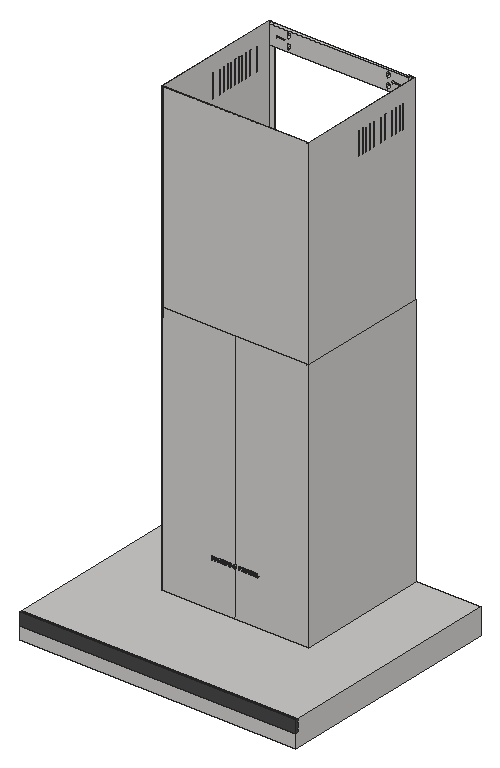
Revit family "FP_Revit_18_HC60BCXB2_Rangehood_90001849A", category Specialty Equipment, Revit 2018
Family settings
  Round Connector Dimension = Use Diameter
  Part Type = Normal
  OmniClass Number = 23.40.40.00
  OmniClass Title = Food Service Equipment and Furnishings
  Work Plane-Based = No
  Always vertical = Yes
  Cut with Voids When Loaded = Yes
  Shared = No
  Room Calculation Point = No
Parameters
  Visibility - Upper Chimney Extension [instance] = yes
  URL = "www.fisherpaykel.com"
  Product - Width = 598 mm  # constant formula
  Product - Height (595mm - 1035mm) [instance] = 1035 mm
  Product - Depth = 500 mm  # constant formula
  Model = "HC60BCXB2"
  Material - Display Panel = Fisher & Paykel - Black
  Material - Body = Fisher & Paykel - Stainless Steel
  Manufacturer = "Fisher & Paykel Appliances"
  FFL Offset [instance] = 1565 mm
  Description = "60cm Rangehood"
  Connector Description - Extraction = "150mm Semi Rigid Rangehood Ducting, 710m³/hr"
  Connector Description - Electrical = "230 V, 50 Hz"
  Chassis - Width = 320 mm  # constant formula
  Chassis - Height = 604 mm  # constant formula
  Chassis - Depth = 291 mm  # constant formula
Reference planes
  plane 1 "Datum": y = 0
  plane 2: z = 0
  plane 3 "Center (Left/Right)": x = 0
  plane 4 "Product - Height": z = 2600
  plane 5 "Product LHS": x = -299
  plane 6 "Product RHS": x = 299
  plane 7 "Product - Depth": y = -500
  plane 8 "Cavity LHS": x = -160
  plane 9 "Cavity RHS": x = 160
  plane 10 "Chassis - Depth": y = -291
  plane 11 "FFL Offset": z = 1565
Forms (mm)
  Extrusion 1, solid, material "Fisher & Paykel - Stainless Steel" <- "Material - Body"
    sketch origin (0, 0, 0) x (1, 0, 0) y (0, 1, 0)
      loop
        line (-145, 0) -> (-160, 0) -> (-160, -291) -> (0, -291) -> (160, -291) -> (160, 0) -> (145, 0) -> (145, -1) -> (159, -1) -> (159, -290) -> (-159, -290) -> (-159, -1) -> (-145, -1) -> (-145, 0)
    from 1620 to 2169
  Extrusion 2, solid, material "Fisher & Paykel - Stainless Steel" <- "Material - Body", visible <- "Visibility - Upper Chimney Extension"
    sketch origin (0, 0, 0) x (1, 0, 0) y (0, 1, 0)
      loop
        line (-158, -3) -> (-145, -3) -> (-145, -2) -> (-159, -2) -> (-159, -290) -> (159, -290) -> (159, -2) -> (145, -2) -> (145, -3) -> (158, -3) -> (158, -289.044) -> (-158, -289.044) -> (-158, -3)
    from 2149 to 2600
  Extrusion 3, solid, material "Fisher & Paykel - Stainless Steel" <- "Material - Body"
    sketch origin (0, 0, 0) x (1, 0, 0) y (0, 1, 0)
      loop
        line (-299, 0) -> (-299, -500) -> (299, -500) -> (299, 0) -> (-299, 0)
    from 1565 to 1620
  Extrusion 4, void
    sketch origin (0, 0, 0) x (0, 1, 0) y (0, 0, 1)
      loop
        line (-500, 1620) -> (-500, 1592.5) -> (-495, 1592.5) -> (-495, 1620) -> (-500, 1620)
    from -299 to 299
  Extrusion 5, solid, material "Fisher & Paykel - Black" <- "Material - Display Panel", detail levels medium+fine
    sketch origin (0, 0, 1000) x (0, 1, 0) y (0, 0, 1)
      loop
        line (-495, 592.5) -> (-495, 620) -> (-500, 620) -> (-500, 592.5) -> (-495, 592.5)
    from -299 to 299
  Extrusion 6, solid, material "Fisher & Paykel - Stainless Steel" <- "Material - Body"
    sketch origin (0, 0, 0) x (1, 0, 0) y (0, 1, 0)
      loop
        line (159, -1) -> (-159, -1) -> (-159, -290) -> (159, -290) -> (159, -1)
    from 1620 to 1838
  Extrusion 7, solid, material "Fisher & Paykel - Stainless Steel" <- "Material - Body"
    sketch origin (0, 0, 0) x (1, 0, 0) y (0, 1, 0)
      loop
        circle (0, -105) r 75
      loop
        circle (0, -105) r 73
    from 1838 to 1970.269
  Extrusion 8, solid, material "Fisher & Paykel - Stainless Steel" <- "Material - Body"
    sketch origin (0, 0, 0) x (1, 0, 0) y (0, 0, 1)
      loop
        line (-145, 1860) -> (-145, 1838) -> (145, 1838) -> (145, 1860) -> (-145, 1860)
      loop
        line (-127.5, 1851) -> (-127.5, 1849.33)
        arc (-127.5, 1849.33) -> (-125, 1840) -> (-122.5, 1849.33) r 5
        line (-122.5, 1849.33) -> (-122.5, 1851)
        arc (-122.5, 1851) -> (-125, 1853.5) -> (-127.5, 1851) r 2.5
      loop
        line (122.5, 1851) -> (122.5, 1849.33)
        arc (122.5, 1849.33) -> (125, 1840) -> (127.5, 1849.33) r 5
        line (127.5, 1849.33) -> (127.5, 1851)
        arc (127.5, 1851) -> (125, 1853.5) -> (122.5, 1851) r 2.5
    from 0 to 2
  Extrusion 9, solid, material "Fisher & Paykel - Stainless Steel" <- "Material - Body", visible <- "Visibility - Upper Chimney Extension"
    sketch origin (0, 0, 0) x (1, 0, 0) y (0, 0, 1)
      loop
        line (-150, 2558.811) -> (150, 2558.811) -> (150, 2600) -> (-150, 2600) -> (-150, 2558.811)
      loop
        line (104, 2592.5) -> (104, 2588.5)
        arc (104, 2588.5) -> (108, 2584.5) -> (112, 2588.5) r 4
        line (112, 2588.5) -> (112, 2592.5)
        arc (112, 2592.5) -> (108, 2596.5) -> (104, 2592.5) r 4
      loop
        arc (112, 2571.5) -> (108, 2575.5) -> (104, 2571.5) r 4
        line (104, 2571.5) -> (104, 2566.794)
        arc (104, 2566.794) -> (108, 2563.544) -> (112, 2566.794) r 4.087
        line (112, 2566.794) -> (112, 2571.5)
      loop
        arc (117.5, 2582.5) -> (115, 2580) -> (117.5, 2577.5) r 2.5
        line (117.5, 2577.5) -> (132.5, 2577.5)
        arc (132.5, 2577.5) -> (135, 2580) -> (132.5, 2582.5) r 2.5
        line (132.5, 2582.5) -> (117.5, 2582.5)
      loop
        arc (-104, 2592.5) -> (-108, 2596.5) -> (-112, 2592.5) r 4
        line (-112, 2592.5) -> (-112, 2588.5)
        arc (-112, 2588.5) -> (-108, 2584.5) -> (-104, 2588.5) r 4
        line (-104, 2588.5) -> (-104, 2592.5)
      loop
        line (-112, 2571.5) -> (-112, 2566.794)
        arc (-112, 2566.794) -> (-108, 2563.544) -> (-104, 2566.794) r 4.087
        line (-104, 2566.794) -> (-104, 2571.5)
        arc (-104, 2571.5) -> (-108, 2575.5) -> (-112, 2571.5) r 4
      loop
        line (-117.5, 2582.5) -> (-132.5, 2582.5)
        arc (-132.5, 2582.5) -> (-135, 2580) -> (-132.5, 2577.5) r 2.5
        line (-132.5, 2577.5) -> (-117.5, 2577.5)
        arc (-117.5, 2577.5) -> (-115, 2580) -> (-117.5, 2582.5) r 2.5
    from 3 to 9
  Extrusion 10, void
    sketch origin (0, 0, 0) x (0, 1, 0) y (0, 0, 1)
      loop
        line (-157, 2564.417) -> (-157, 2514.417)
        arc (-157, 2514.417) -> (-154.5, 2511.917) -> (-152, 2514.417) r 2.5
        line (-152, 2514.417) -> (-152, 2564.417)
        arc (-152, 2564.417) -> (-154.5, 2566.917) -> (-157, 2564.417) r 2.5
      loop
        line (-147, 2564.417) -> (-147, 2514.417)
        arc (-147, 2514.417) -> (-144.5, 2511.917) -> (-142, 2514.417) r 2.5
        line (-142, 2514.417) -> (-142, 2564.417)
        arc (-142, 2564.417) -> (-144.5, 2566.917) -> (-147, 2564.417) r 2.5
      loop
        line (-137, 2564.417) -> (-137, 2514.417)
        arc (-137, 2514.417) -> (-134.5, 2511.917) -> (-132, 2514.417) r 2.5
        line (-132, 2514.417) -> (-132, 2564.417)
        arc (-132, 2564.417) -> (-134.5, 2566.917) -> (-137, 2564.417) r 2.5
      loop
        line (-127, 2564.417) -> (-127, 2514.417)
        arc (-127, 2514.417) -> (-124.5, 2511.917) -> (-122, 2514.417) r 2.5
        line (-122, 2514.417) -> (-122, 2564.417)
        arc (-122, 2564.417) -> (-124.5, 2566.917) -> (-127, 2564.417) r 2.5
      loop
        line (-117, 2564.417) -> (-117, 2514.417)
        arc (-117, 2514.417) -> (-114.5, 2511.917) -> (-112, 2514.417) r 2.5
        line (-112, 2514.417) -> (-112, 2564.417)
        arc (-112, 2564.417) -> (-114.5, 2566.917) -> (-117, 2564.417) r 2.5
      loop
        line (-107, 2564.417) -> (-107, 2514.417)
        arc (-107, 2514.417) -> (-104.5, 2511.917) -> (-102, 2514.417) r 2.5
        line (-102, 2514.417) -> (-102, 2564.417)
        arc (-102, 2564.417) -> (-104.5, 2566.917) -> (-107, 2564.417) r 2.5
      loop
        line (-97, 2564.417) -> (-97, 2514.417)
        arc (-97, 2514.417) -> (-94.5, 2511.917) -> (-92, 2514.417) r 2.5
        line (-92, 2514.417) -> (-92, 2564.417)
        arc (-92, 2564.417) -> (-94.5, 2566.917) -> (-97, 2564.417) r 2.5
      loop
        line (-87, 2564.417) -> (-87, 2514.417)
        arc (-87, 2514.417) -> (-84.5, 2511.917) -> (-82, 2514.417) r 2.5
        line (-82, 2514.417) -> (-82, 2564.417)
        arc (-82, 2564.417) -> (-84.5, 2566.917) -> (-87, 2564.417) r 2.5
      loop
        line (-77, 2564.417) -> (-77, 2514.417)
        arc (-77, 2514.417) -> (-74.5, 2511.917) -> (-72, 2514.417) r 2.5
        line (-72, 2514.417) -> (-72, 2564.417)
        arc (-72, 2564.417) -> (-74.5, 2566.917) -> (-77, 2564.417) r 2.5
      loop
        line (-67, 2564.417) -> (-67, 2514.417)
        arc (-67, 2514.417) -> (-64.5, 2511.917) -> (-62, 2514.417) r 2.5
        line (-62, 2514.417) -> (-62, 2564.417)
        arc (-62, 2564.417) -> (-64.5, 2566.917) -> (-67, 2564.417) r 2.5
      loop
        line (-57, 2564.417) -> (-57, 2514.417)
        arc (-57, 2514.417) -> (-54.5, 2511.917) -> (-52, 2514.417) r 2.5
        line (-52, 2514.417) -> (-52, 2564.417)
        arc (-52, 2564.417) -> (-54.5, 2566.917) -> (-57, 2564.417) r 2.5
      loop
        line (-47, 2564.417) -> (-47, 2514.417)
        arc (-47, 2514.417) -> (-44.5, 2511.917) -> (-42, 2514.417) r 2.5
        line (-42, 2514.417) -> (-42, 2564.417)
        arc (-42, 2564.417) -> (-44.5, 2566.917) -> (-47, 2564.417) r 2.5
      loop
        line (-37, 2564.417) -> (-37, 2514.417)
        arc (-37, 2514.417) -> (-34.5, 2511.917) -> (-32, 2514.417) r 2.5
        line (-32, 2514.417) -> (-32, 2564.417)
        arc (-32, 2564.417) -> (-34.5, 2566.917) -> (-37, 2564.417) r 2.5
    from -159 to 159
  Extrusion 11, solid, material "Fisher & Paykel - Stainless Steel" <- "Material - Body"
    sketch origin (0, 0, 0) x (1, 0, 0) y (0, 0, 1)
      loop
        line (145, 2141) -> (-145, 2141) -> (-145, 2101) -> (145, 2101) -> (145, 2141)
      loop
        line (125, 2123.5) -> (110, 2123.5)
        arc (110, 2123.5) -> (107.5, 2121) -> (110, 2118.5) r 2.5
        line (110, 2118.5) -> (125, 2118.5)
        arc (125, 2118.5) -> (127.5, 2121) -> (125, 2123.5) r 2.5
      loop
        line (-110, 2123.5) -> (-125, 2123.5)
        arc (-125, 2123.5) -> (-127.5, 2121) -> (-125, 2118.5) r 2.5
        line (-125, 2118.5) -> (-110, 2118.5)
        arc (-110, 2118.5) -> (-107.5, 2121) -> (-110, 2123.5) r 2.5
    from 2 to 9
  Extrusion 12, void
    sketch origin (0, 0, 0) x (1, 0, 0) y (0, 1, 0)
      loop
        line (-258, -400) -> (258, -400) -> (258, -83) -> (-258, -83) -> (-258, -400)
      loop
        circle (115, -45) r 25
      loop
        circle (-115, -45) r 25
    from 1565 to 1574
  Extrusion 13, solid, material "Fisher & Paykel - Stainless Steel" <- "Material - Body", detail levels fine
    sketch origin (0, 0, 0) x (1, 0, 0) y (0, 1, 0)
      loop
        line (258, -83) -> (0.5, -83) -> (0.5, -400) -> (258, -400) -> (258, -83)
      loop
        line (9, -391) -> (110.5, -391) -> (110.5, -347) -> (147.5, -347) -> (147.5, -391) -> (249, -391) -> (249, -92) -> (9, -92) -> (9, -391)
      loop
        line (139.5, -357.5) -> (118.5, -357.5) -> (118.5, -391) -> (139.5, -391) -> (139.5, -357.5)
      loop
        line (118.9, -364.5) -> (118.9, -390.562) -> (139.1, -390.562) -> (139.1, -364.5) -> (118.9, -364.5)
      loop
        line (-258, -83) -> (-258, -400) -> (-0.5, -400) -> (-0.5, -83) -> (-258, -83)
      loop
        line (-9, -391) -> (-9, -92) -> (-249, -92) -> (-249, -391) -> (-147.5, -391) -> (-147.5, -347) -> (-110.5, -347) -> (-110.5, -391) -> (-9, -391)
      loop
        line (-139.5, -357.5) -> (-139.5, -391) -> (-118.5, -391) -> (-118.5, -357.5) -> (-139.5, -357.5)
      loop
        line (-118.9, -364.5) -> (-139.1, -364.5) -> (-139.1, -390.562) -> (-118.9, -390.562) -> (-118.9, -364.5)
    from 1565 to 1574
  Extrusion 14, solid, material "Fisher & Paykel - Aluminium", detail levels medium+fine
    sketch origin (0, 0, 0) x (1, 0, 0) y (0, 1, 0)
      loop
        line (249, -92) -> (9, -92) -> (9, -391) -> (110.5, -391) -> (110.5, -347) -> (147.5, -347) -> (147.5, -391) -> (249, -391) -> (249, -92)
      loop
        line (-249, -92) -> (-249, -391) -> (-147.5, -391) -> (-147.5, -347) -> (-110.5, -347) -> (-110.5, -391) -> (-9, -391) -> (-9, -92) -> (-249, -92)
    from 1565 to 1572
  Extrusion 15, solid, material "Fisher & Paykel - Bezel White", detail levels fine
    sketch origin (0, 0, 0) x (1, 0, 0) y (0, 1, 0)
      loop
        circle (115, -45) r 22
      loop
        circle (-115, -45) r 22
    from 1565 to 1572
  Extrusion 16, solid, material "Fisher & Paykel - Stainless Steel" <- "Material - Body", detail levels fine
    sketch origin (0, 0, 0) x (1, 0, 0) y (0, 1, 0)
      loop
        circle (115, -45) r 22
      loop
        circle (115, -45) r 25
      loop
        circle (-115, -45) r 22
      loop
        circle (-115, -45) r 25
    from 1566 to 1574
  Extrusion 17, solid, material "Fisher & Paykel - Stainless Steel" <- "Material - Body", detail levels medium+fine
    sketch origin (0, 0, 0) x (1, 0, 0) y (0, 1, 0)
      loop
        circle (101, -15) r 4
    from 1838 to 1970.269
Cuts and joins
  Extrusion 4, Extrusion 12 cuts Extrusion 3
  Extrusion 10 cuts Extrusion 2
Text (mm)
  text "Due to ongoing product development, product details are subject to change without notice. \nPlease always refer to www.fisherpaykel.com for the most current product information. \n© Fisher & Paykel 2020" at (41.04, -1225.549, 0), in view "Ref. Level (Plan)"
Dimensions and locks
  equal spacing: plane 5 "Product LHS", plane 3 "Center (Left/Right)", plane 6 "Product RHS"
  equal spacing: plane 8 "Cavity LHS", plane 3 "Center (Left/Right)", plane 9 "Cavity RHS"
  "Chassis - Width": plane 8 "Cavity LHS" to plane 9 "Cavity RHS"
  locked: Extrusion 1 sketch curve to Extrusion 1 sketch curve at 1  (x3)
  locked: Extrusion 2 to Extrusion 2 at 451
  "Product - Depth": plane 7 "Product - Depth" to plane 1 "Datum"
  "FFL Offset": plane 11 "FFL Offset" to level
  Extrusion 9 sketch curve to plane 4 "Product - Height" = 41.189 mm
  Extrusion 9 sketch curve to plane 4 "Product - Height" = 17.5 mm
  "Chassis - Height": Extrusion 1 to plane 11 "FFL Offset"
  plane 11 "FFL Offset" to Extrusion 8 sketch curve = 295 mm
  locked: Extrusion 7 to plane 11 "FFL Offset" at 405.269
  locked: cut or joined group of Extrusion 3, Extrusion 4, Extrusion 12 to plane 11 "FFL Offset" at 9
  locked: Extrusion 14 to plane 11 "FFL Offset" at 7
  locked: Extrusion 5 to plane 11 "FFL Offset" at 27.5
  locked: plane 11 "FFL Offset" to nested 1 at 153.17
  "Product - Height (595mm - 1035mm)": plane 4 "Product - Height" to plane 11 "FFL Offset"
  locked: cut or joined group of Extrusion 3, Extrusion 4, Extrusion 12 to Extrusion 16 at 1
  locked: Extrusion 6 to plane 11 "FFL Offset" at 273
  "Chassis - Depth": plane 1 "Datum" to plane 10 "Chassis - Depth"
  locked: cut or joined group of Extrusion 3, Extrusion 4, Extrusion 12 to plane 11 "FFL Offset" at 55
  locked: Extrusion 9 to plane 4 "Product - Height" at 41.189
  locked: plane 11 "FFL Offset" to Extrusion 11 at 536
  locked: plane 11 "FFL Offset" to Extrusion 11 at 576
  "Product - Width": plane 5 "Product LHS" to plane 6 "Product RHS"
  aligned and locked: level to plane 2
  aligned and locked: Extrusion 1 sketch curve to plane 8 "Cavity LHS"
  aligned and locked: plane 9 "Cavity RHS" to Extrusion 1 sketch curve
  aligned and locked: plane 1 "Datum" to Extrusion 1 sketch curve  (x2)
  aligned and locked: plane 10 "Chassis - Depth" to Extrusion 1 sketch curve
  aligned and locked: plane 6 "Product RHS" to Extrusion 3 sketch curve
  aligned and locked: plane 1 "Datum" to Extrusion 3 sketch curve
  aligned and locked: Extrusion 3 sketch curve to plane 5 "Product LHS"
  aligned and locked: plane 7 "Product - Depth" to Extrusion 3 sketch curve
  aligned and locked: plane 7 "Product - Depth" to Extrusion 4 sketch curve
  aligned and locked: Extrusion 4 sketch curve to cut or joined group of Extrusion 3, Extrusion 4, Extrusion 12
  aligned and locked: Extrusion 4 to plane 6 "Product RHS"
  aligned and locked: plane 5 "Product LHS" to Extrusion 4
  aligned and locked: cut or joined group of Extrusion 3, Extrusion 4, Extrusion 12 to Extrusion 5
  aligned and locked: Extrusion 5 to cut or joined group of Extrusion 3, Extrusion 4, Extrusion 12
  aligned and locked: Extrusion 1 to Extrusion 6
  aligned and locked: Extrusion 7 to Extrusion 6
  aligned and locked: plane 4 "Product - Height" to Extrusion 2
  aligned and locked: Extrusion 10 to Extrusion 1  (x2)
  aligned and locked: plane 4 "Product - Height" to Extrusion 9
  aligned and locked: Extrusion 9 sketch curve to Extrusion 9 sketch curve
  aligned and locked: Extrusion 3 to plane 11 "FFL Offset"
  aligned and locked: Extrusion 6 to cut or joined group of Extrusion 3, Extrusion 4, Extrusion 12
  aligned and locked: Extrusion 3 to Extrusion 12
  aligned and locked: cut or joined group of Extrusion 3, Extrusion 4, Extrusion 12 to Extrusion 13  (x2)
  aligned and locked: cut or joined group of Extrusion 3, Extrusion 4, Extrusion 12 to Extrusion 14
  aligned and locked: Extrusion 15 to Extrusion 14
  aligned and locked: cut or joined group of Extrusion 3, Extrusion 4, Extrusion 12 to Extrusion 15
  aligned and locked: Extrusion 4 to Extrusion 5
  aligned and locked: Extrusion 1 to Extrusion 5
  aligned and locked: Extrusion 16 to cut or joined group of Extrusion 3, Extrusion 4, Extrusion 12
  aligned and locked: Extrusion 17 to Extrusion 6
  aligned and locked: Extrusion 17 to Extrusion 7
  aligned and locked: cut or joined group of Extrusion 2, Extrusion 10 to Extrusion 9
Automatic sketch dimensions
  Extrusion 1 sketch curve to plane 3 "Center (Left/Right)" = 0 mm
  plane 1 "Datum" to Extrusion 1 sketch curve = 1 mm  (x2)
  Extrusion 1 sketch curve to Extrusion 1 sketch curve = 14 mm
  plane 9 "Cavity RHS" to Extrusion 1 sketch curve = 15 mm
  plane 7 "Product - Depth" to Extrusion 4 sketch curve = 5 mm
  level to Extrusion 4 sketch curve = 1592.5 mm
  Extrusion 5 sketch curve to Extrusion 5 sketch curve = 27.5 mm
  Extrusion 6 sketch curve to plane 8 "Cavity LHS" = 1 mm
  plane 9 "Cavity RHS" to Extrusion 6 sketch curve = 1 mm
  plane 10 "Chassis - Depth" to Extrusion 6 sketch curve = 1 mm
  plane 1 "Datum" to Extrusion 6 sketch curve = 1 mm
  Extrusion 2 sketch curve to plane 8 "Cavity LHS" = 1 mm
  Extrusion 2 sketch curve to Extrusion 2 sketch curve = 1 mm  (x3)
  plane 1 "Datum" to Extrusion 2 sketch curve = 3 mm  (x2)
  Extrusion 2 sketch curve to Extrusion 2 sketch curve = 13 mm
  plane 9 "Cavity RHS" to Extrusion 2 sketch curve = 15 mm
  plane 9 "Cavity RHS" to Extrusion 2 sketch curve = 2 mm
  plane 9 "Cavity RHS" to Extrusion 2 sketch curve = 1 mm
  plane 10 "Chassis - Depth" to Extrusion 2 sketch curve = 1.956 mm
  plane 10 "Chassis - Depth" to Extrusion 2 sketch curve = 1 mm
  Extrusion 10 sketch curve to plane 4 "Product - Height" = 85.583 mm  (x2)
  plane 1 "Datum" to Extrusion 10 sketch curve = 157 mm
  Extrusion 10 sketch curve to Extrusion 10 sketch curve = 2.5 mm  (x13)
  Extrusion 10 sketch curve to Extrusion 10 sketch curve = 5 mm  (x12)
  Extrusion 10 sketch curve to Extrusion 10 sketch curve = 0 mm  (x23)
  Extrusion 10 sketch curve to plane 4 "Product - Height" = 35.583 mm
  Extrusion 11 sketch curve to plane 5 "Product LHS" = 154 mm
  Extrusion 11 sketch curve to Extrusion 11 sketch curve = 20 mm  (x2)
  Extrusion 11 sketch curve to Extrusion 11 sketch curve = 15 mm  (x2)
  Extrusion 11 sketch curve to plane 8 "Cavity LHS" = 270 mm
  Extrusion 11 sketch curve to Extrusion 11 sketch curve = 17.5 mm  (x3)
  Extrusion 11 sketch curve to Extrusion 11 sketch curve = 2.5 mm  (x2)
  Extrusion 5 sketch curve to Extrusion 5 sketch curve = 5 mm
  Extrusion 5 sketch curve to plane 7 "Product - Depth" = 0 mm
  plane 11 "FFL Offset" to Extrusion 5 sketch curve = 27.5 mm
  Extrusion 15 sketch curve to plane 8 "Cavity LHS" = 45 mm
  plane 9 "Cavity RHS" to Extrusion 15 sketch curve = 45 mm
  plane 1 "Datum" to Extrusion 15 sketch curve = 45 mm  (x2)
  Extrusion 16 sketch curve to Extrusion 16 sketch curve = 0 mm  (x4)
  Extrusion 16 sketch curve to plane 8 "Cavity LHS" = 45 mm
  plane 9 "Cavity RHS" to Extrusion 16 sketch curve = 45 mm
  plane 1 "Datum" to Extrusion 16 sketch curve = 45 mm  (x2)
  Extrusion 7 sketch curve to Extrusion 7 sketch curve = 0 mm  (x2)
  Extrusion 7 sketch curve to plane 3 "Center (Left/Right)" = 0 mm
  plane 1 "Datum" to Extrusion 7 sketch curve = 105 mm
  Extrusion 8 sketch curve to plane 8 "Cavity LHS" = 15 mm
  Extrusion 8 sketch curve to Extrusion 8 sketch curve = 17.5 mm
  Extrusion 8 sketch curve to Extrusion 8 sketch curve = 2.5 mm  (x4)
  plane 9 "Cavity RHS" to Extrusion 8 sketch curve = 37.5 mm
  plane 9 "Cavity RHS" to Extrusion 8 sketch curve = 15 mm
  Extrusion 8 sketch curve to Extrusion 8 sketch curve = 9 mm  (x2)
  Extrusion 8 sketch curve to Extrusion 8 sketch curve = 1.67 mm  (x2)
  Extrusion 8 sketch curve to Extrusion 8 sketch curve = 4.33 mm  (x2)
  Extrusion 8 sketch curve to Extrusion 8 sketch curve = 11.33 mm
  plane 1 "Datum" to Extrusion 17 sketch curve = 15 mm
  plane 9 "Cavity RHS" to Extrusion 17 sketch curve = 59 mm
  Extrusion 9 sketch curve to plane 4 "Product - Height" = 0 mm
  Extrusion 9 sketch curve to plane 8 "Cavity LHS" = 10 mm
  Extrusion 9 sketch curve to Extrusion 9 sketch curve = 17.5 mm
  Extrusion 9 sketch curve to Extrusion 9 sketch curve = 15 mm  (x2)
  Extrusion 9 sketch curve to Extrusion 9 sketch curve = 5.5 mm  (x3)
  Extrusion 9 sketch curve to Extrusion 9 sketch curve = 4 mm  (x6)
  Extrusion 9 sketch curve to Extrusion 9 sketch curve = 0 mm  (x3)
  Extrusion 9 sketch curve to plane 4 "Product - Height" = 11.5 mm
  plane 9 "Cavity RHS" to Extrusion 9 sketch curve = 56 mm
  plane 9 "Cavity RHS" to Extrusion 9 sketch curve = 10 mm
  Extrusion 9 sketch curve to Extrusion 9 sketch curve = 21.706 mm
  Extrusion 9 sketch curve to Extrusion 9 sketch curve = 15.706 mm
  Extrusion 9 sketch curve to Extrusion 9 sketch curve = 0.837 mm  (x2)
  Extrusion 9 sketch curve to Extrusion 9 sketch curve = 3.87 mm
  Extrusion 9 sketch curve to Extrusion 9 sketch curve = 4.706 mm
  Extrusion 9 sketch curve to Extrusion 9 sketch curve = 5 mm
  Extrusion 9 sketch curve to Extrusion 9 sketch curve = 2.5 mm
  Extrusion 9 sketch curve to Extrusion 9 sketch curve = 6 mm
  Extrusion 11 sketch curve to plane 4 "Product - Height" = 499 mm
  Extrusion 13 sketch curve to plane 5 "Product LHS" = 41 mm
  Extrusion 13 sketch curve to Extrusion 13 sketch curve = 9 mm  (x6)
  Extrusion 13 sketch curve to plane 8 "Cavity LHS" = 12.5 mm
  Extrusion 13 sketch curve to Extrusion 13 sketch curve = 8 mm  (x3)
  Extrusion 13 sketch curve to Extrusion 13 sketch curve = 0.4 mm  (x4)
  Extrusion 13 sketch curve to Extrusion 13 sketch curve = 20.2 mm  (x2)
  Extrusion 13 sketch curve to plane 3 "Center (Left/Right)" = 9 mm
  Extrusion 13 sketch curve to plane 3 "Center (Left/Right)" = 0.5 mm
  plane 3 "Center (Left/Right)" to Extrusion 13 sketch curve = 0.5 mm
  plane 3 "Center (Left/Right)" to Extrusion 13 sketch curve = 9 mm
  plane 9 "Cavity RHS" to Extrusion 13 sketch curve = 49.5 mm
  plane 9 "Cavity RHS" to Extrusion 13 sketch curve = 12.5 mm
  plane 6 "Product RHS" to Extrusion 13 sketch curve = 50 mm
  plane 7 "Product - Depth" to Extrusion 13 sketch curve = 100 mm  (x2)
  Extrusion 13 sketch curve to Extrusion 13 sketch curve = 0 mm  (x4)
  Extrusion 13 sketch curve to Extrusion 13 sketch curve = 0.438 mm  (x2)
  Extrusion 13 sketch curve to Extrusion 13 sketch curve = 26.062 mm  (x2)
  Extrusion 13 sketch curve to Extrusion 13 sketch curve = 7 mm  (x2)
  Extrusion 13 sketch curve to Extrusion 13 sketch curve = 10.5 mm  (x2)
  plane 1 "Datum" to Extrusion 13 sketch curve = 92 mm  (x2)
  Extrusion 12 sketch curve to plane 5 "Product LHS" = 41 mm
  Extrusion 12 sketch curve to plane 8 "Cavity LHS" = 45 mm
  plane 9 "Cavity RHS" to Extrusion 12 sketch curve = 45 mm
  plane 6 "Product RHS" to Extrusion 12 sketch curve = 41 mm
  plane 7 "Product - Depth" to Extrusion 12 sketch curve = 100 mm
  plane 1 "Datum" to Extrusion 12 sketch curve = 83 mm
  plane 1 "Datum" to Extrusion 12 sketch curve = 45 mm  (x2)
  Extrusion 14 sketch curve to plane 5 "Product LHS" = 50 mm
  Extrusion 14 sketch curve to plane 8 "Cavity LHS" = 12.5 mm
  Extrusion 14 sketch curve to Extrusion 14 sketch curve = 37 mm
  Extrusion 14 sketch curve to plane 3 "Center (Left/Right)" = 9 mm
  plane 3 "Center (Left/Right)" to Extrusion 14 sketch curve = 9 mm
  plane 9 "Cavity RHS" to Extrusion 14 sketch curve = 49.5 mm
  plane 9 "Cavity RHS" to Extrusion 14 sketch curve = 12.5 mm
  plane 6 "Product RHS" to Extrusion 14 sketch curve = 50 mm
  Extrusion 14 sketch curve to plane 10 "Chassis - Depth" = 100 mm  (x2)
  Extrusion 14 sketch curve to Extrusion 14 sketch curve = 0 mm  (x2)
  Extrusion 14 sketch curve to Extrusion 14 sketch curve = 44 mm  (x2)
  plane 1 "Datum" to Extrusion 14 sketch curve = 92 mm  (x2)
  radius of Extrusion 15 sketch curve = 22 mm  (x2)
  radius of Extrusion 16 sketch curve = 22 mm  (x2)
  radius of Extrusion 16 sketch curve = 25 mm  (x2)
  radius of Extrusion 7 sketch curve = 73 mm
  radius of Extrusion 7 sketch curve = 75 mm
  radius of Extrusion 17 sketch curve = 4 mm
  radius of Extrusion 12 sketch curve = 25 mm  (x2)
Nested families
  nested 1: "F&P Logo 100mm" at (0.236, -291, 1718.279), type "Grey"
Connectors
  hvac at (0, -105, 1970.269), driven by "Connector Description - Extraction"
    settings: on Extrusion 7, index 1, duct flow 0.0 L/s, flow factor 0, pres drop 0.0 Pa, loss coef 0, conn angle 0.00°, conn width 304.8 mm, conn height 304.8 mm, conn diameter 150 mm, duct sys type 3, conn prof type 0, flow config 0, flow direction 2, loss method 0, conn ref index -1, conn util no, is conn primary yes, conn desc "150mm Semi Rigid Rangehood Ducting, 710m³/hr"
  electrical at (101, -15, 1970.269), driven by "Connector Description - Electrical"
    settings: on Extrusion 17, index 2, voltage 230 V, apparent load 0 VA, apparent load phase1 0 VA, apparent load phase2 0 VA, apparent load phase3 0 VA, power factor 1, load classification "Other", number of poles 1, system type 30, power factor state 1, is connector primary yes, connector utility no, sub classification motor no, connector description "230 V, 50 Hz"
Definition of nested family "F&P Logo 100mm"
  Parameters (values of type "Chrome")
    URL = "www.fisherpaykel.com"
    Material - Logo = none
    Manufacturer = "Fisher & Paykel Appliances"
  Types (3): name
    (no name)
    Chrome
    Grey
  Reference planes
    plane 1 "Center (Front/Back)": y = 0
    plane 2: z = 0
    plane 3 "Center (Left/Right)": x = 0
  Forms (mm)
    Extrusion 1, solid, material <- "Material - Logo", detail levels fine
      sketch origin (0, 0, 0) x (1, 0, 0) y (0, 0, 1)
        loop
          line (-50.044, 0) -> (-48.47, 0) -> (-48.47, 2.138) -> (-46.011, 2.138) -> (-46.011, 3.472) -> (-48.47, 3.472) -> (-48.47, 4.712) -> (-45.795, 4.712) -> (-45.795, 6.04) -> (-50.044, 6.04) -> (-50.044, 0)
        loop
          line (-42.804, 6.04) -> (-42.804, 0) -> (-41.23, 0) -> (-41.23, 6.04) -> (-42.804, 6.04)
        loop
          line (-30.724, 6.04) -> (-30.724, 0) -> (-29.151, 0) -> (-29.151, 2.42) -> (-26.839, 2.42) -> (-26.839, 0) -> (-25.265, 0) -> (-25.265, 6.04) -> (-26.839, 6.04) -> (-26.839, 3.748) -> (-29.151, 3.748) -> (-29.151, 6.04) -> (-30.724, 6.04)
        loop
          line (-21.906, 6.04) -> (-21.906, 0) -> (-17.602, 0) -> (-17.602, 1.328) -> (-20.347, 1.328) -> (-20.347, 2.42) -> (-17.838, 2.42) -> (-17.838, 3.748) -> (-20.347, 3.748) -> (-20.347, 4.712) -> (-17.602, 4.712) -> (-17.602, 6.04) -> (-21.906, 6.04)
        loop
          line (45.667, 6.04) -> (45.667, 0) -> (49.956, 0) -> (49.956, 1.328) -> (47.241, 1.328) -> (47.241, 6.04) -> (45.667, 6.04)
        loop
          line (42.431, 6.04) -> (38.112, 6.04) -> (38.112, 0) -> (42.431, 0) -> (42.431, 1.328) -> (39.687, 1.328) -> (39.687, 2.42) -> (42.195, 2.42) -> (42.195, 3.748) -> (39.687, 3.748) -> (39.687, 4.712) -> (42.431, 4.712) -> (42.431, 6.04)
        loop
          line (33.451, 3.148) -> (35.683, 6.04) -> (33.844, 6.04) -> (31.915, 3.542) -> (31.915, 6.04) -> (30.342, 6.04) -> (30.342, 0) -> (31.915, 0) -> (31.915, 2.705) -> (33.903, 0) -> (35.763, 0) -> (33.451, 3.148)
        loop
          line (21.98, 6.04) -> (24.262, 2.42) -> (24.262, 0) -> (25.837, 0) -> (25.837, 2.341) -> (28.119, 6.04) -> (26.446, 6.04) -> (25.099, 3.707) -> (23.753, 6.04) -> (21.98, 6.04)
        loop
          line (18.479, 6.04) -> (16.983, 6.04) -> (14.524, 0) -> (16.069, 0) -> (16.501, 1.112) -> (18.921, 1.112) -> (19.354, 0) -> (20.938, 0) -> (18.479, 6.04)
        loop
          line (18.4, 2.439) -> (17.693, 4.174) -> (17.018, 2.439) -> (18.4, 2.439)
        loop
          line (8.031, 6.04) -> (8.031, 0) -> (9.605, 0) -> (9.605, 1.938) -> (10.599, 1.938)
          arc (10.599, 1.938) -> (12.65, 3.989) -> (10.599, 6.04) r 2.051
          line (10.599, 6.04) -> (8.031, 6.04)
        loop
          line (9.605, 4.712) -> (9.605, 3.197) -> (10.501, 3.197)
          arc (10.501, 3.197) -> (11.259, 3.954) -> (10.501, 4.712) r 0.757
          line (10.501, 4.712) -> (9.605, 4.712)
        loop
          line (-11.783, 6.04) -> (-14.366, 6.04) -> (-14.366, 0) -> (-12.792, 0) -> (-12.792, 1.336) -> (-11.992, 1.336) -> (-10.972, 0) -> (-9.153, 0) -> (-10.694, 1.973)
          arc (-10.694, 1.973) -> (-9.678, 4.424) -> (-11.783, 6.04) r 2.179
        loop
          line (-11.897, 4.712) -> (-12.792, 4.712) -> (-12.792, 3.053) -> (-11.897, 3.053)
          arc (-11.897, 3.053) -> (-11.068, 3.882) -> (-11.897, 4.712) r 0.83
        loop
          line (0.477, 4.712) -> (0.477, 6.153) -> (-3.575, 6.153) -> (-3.575, 4.851) -> (-2.974, 4.112)
          arc (-2.974, 4.112) -> (-3.51, 0.684) -> (-0.045, 0.512) r 2.334
          line (-0.045, 0.512) -> (0.46, -0.109) -> (2.246, -0.109) -> (0.86, 1.594) -> (2.061, 3.324) -> (0.443, 3.324) -> (-0.013, 2.667) -> (-1.677, 4.712) -> (0.477, 4.712)
        loop
          arc (-2.125, 3.068) -> (-2.269, 1.668) -> (-0.868, 1.524) r 0.996
          line (-0.868, 1.524) -> (-2.125, 3.068)
        loop
          line (-35.18, 3.634) -> (-36.516, 3.91)
          arc (-36.516, 3.91) -> (-37.049, 4.443) -> (-36.516, 4.976) r 0.533
          arc (-36.516, 4.976) -> (-35.235, 4.79) -> (-34.059, 4.248) r 4.505
          line (-34.059, 4.248) -> (-34.059, 5.743)
          arc (-34.059, 5.743) -> (-35.549, 6.179) -> (-37.1, 6.109) r 4.726
          arc (-37.1, 6.109) -> (-38.536, 4.335) -> (-37.1, 2.561) r 1.814
          line (-37.1, 2.561) -> (-35.754, 2.282)
          arc (-35.754, 2.282) -> (-35.221, 1.749) -> (-35.754, 1.216) r 0.533
          arc (-35.754, 1.216) -> (-37.035, 1.402) -> (-38.211, 1.945) r 4.505
          line (-38.211, 1.945) -> (-38.211, 0.449)
          arc (-38.211, 0.449) -> (-36.72, 0.013) -> (-35.169, 0.083) r 4.726
          arc (-35.169, 0.083) -> (-33.734, 1.863) -> (-35.18, 3.634) r 1.814
      from 0 to 0.8
  Dimensions and locks
    aligned and locked: level to plane 2
